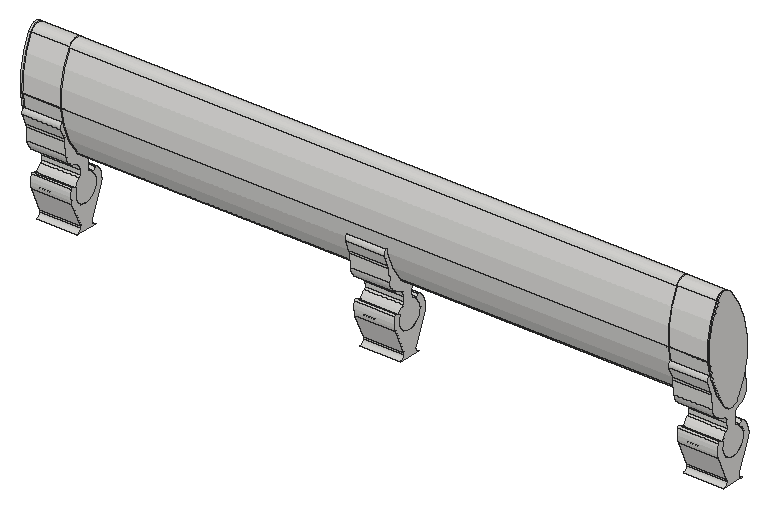
Revit family "Sunshade-Kawneer-Versoleil", category Specialty Equipment, host Face, Revit 2015 (continued)
Definition of nested family "Mounting_Arm-Kawneer-Metal"
  Lines and regions (in)
    Masking region 2, visible <- "CTRL 15 Degrees Visibility"
      outline origin (-0.15722, 0, 0) x (0, 1, 0) y (0, 0, 1)
        loop
          arc (-1.70191, 1.88518) -> (-1.43908, 1.48818) -> (-0.99022, 1.3294) r 0.75
          arc (-0.99022, 1.3294) -> (-0.69097, 1.22355) -> (-0.51575, 0.95888) r 0.5
          line (-0.51575, 0.95888) -> (-0.4461, 0.69893)
          arc (-0.4461, 0.69893) -> (-0.4475, 0.62938) -> (-0.48586, 0.57135) r 0.125
    Masking region 3, visible <- "CTRL 10 Degrees Visibility"
      outline origin (-0.15722, 0, 0) x (0, 0.996195, -0.087156) y (0, 0.087156, 0.996195)
        loop
          arc (-0.48586, 0.57135) -> (0.19411, -0.72444) -> (0.13509, 0.73773) r 0.75
          arc (0.13509, 0.73773) -> (0.07286, 0.76881) -> (0.03687, 0.82834) r 0.125
          line (0.03687, 0.82834) -> (-0.03279, 1.08829)
          arc (-0.03279, 1.08829) -> (-0.01337, 1.40511) -> (0.19285, 1.6464) r 0.5
          arc (0.19285, 1.6464) -> (0.50219, 2.00834) -> (0.53131, 2.48357) r 0.75
          line (0.53131, 2.48357) -> (0.33719, 3.20801)
          arc (0.33719, 3.20801) -> (0.32236, 3.2905) -> (0.32152, 3.3743) r 0.5
          arc (0.32152, 3.3743) -> (0.33945, 3.67757) -> (0.34843, 3.98124) r 10.28925
          arc (0.34843, 3.98124) -> (0.27673, 4.16019) -> (0.09903, 4.23493) r 0.25
          arc (0.09903, 4.23493) -> (0.05416, 3.17969) -> (-0.10133, 2.135) r 10.03925
          arc (-0.10133, 2.135) -> (-0.46769, 1.74543) -> (-0.97975, 1.89963) r 0.508
          arc (-0.97975, 1.89963) -> (-1.63675, 2.72661) -> (-2.20323, 3.61804) r 10.03925
          arc (-2.20323, 3.61804) -> (-2.31827, 3.46408) -> (-2.29237, 3.27364) r 0.25373
          arc (-2.29237, 3.27364) -> (-2.13276, 3.01515) -> (-1.9656, 2.76147) r 10.28925
          arc (-1.9656, 2.76147) -> (-1.92443, 2.68847) -> (-1.89603, 2.60962) r 0.5
          line (-1.89603, 2.60962) -> (-1.70191, 1.88518)
          arc (-1.70191, 1.88518) -> (-1.43908, 1.48818) -> (-0.99022, 1.3294) r 0.75
          arc (-0.99022, 1.3294) -> (-0.69097, 1.22355) -> (-0.51575, 0.95888) r 0.5
          line (-0.51575, 0.95888) -> (-0.4461, 0.69893)
          arc (-0.4461, 0.69893) -> (-0.4475, 0.62938) -> (-0.48586, 0.57135) r 0.125
    Masking region 4, visible <- "CTRL 5 Degrees Visibility"
      outline origin (-0.15722, 0, 0) x (0, 0.984808, -0.173648) y (0, 0.173648, 0.984808)
        loop
          arc (-0.48586, 0.57135) -> (0.19411, -0.72444) -> (0.13509, 0.73773) r 0.75
          arc (0.13509, 0.73773) -> (0.07286, 0.76881) -> (0.03687, 0.82834) r 0.125
          line (0.03687, 0.82834) -> (-0.03279, 1.08829)
          arc (-0.03279, 1.08829) -> (-0.01337, 1.40511) -> (0.19285, 1.6464) r 0.5
          arc (0.19285, 1.6464) -> (0.50219, 2.00834) -> (0.53131, 2.48357) r 0.75
          line (0.53131, 2.48357) -> (0.33719, 3.20801)
          arc (0.33719, 3.20801) -> (0.32236, 3.2905) -> (0.32152, 3.3743) r 0.5
          arc (0.32152, 3.3743) -> (0.33945, 3.67757) -> (0.34843, 3.98124) r 10.28925
          arc (0.34843, 3.98124) -> (0.27673, 4.16019) -> (0.09903, 4.23493) r 0.25
          arc (0.09903, 4.23493) -> (0.05416, 3.17969) -> (-0.10133, 2.135) r 10.03925
          arc (-0.10133, 2.135) -> (-0.46769, 1.74543) -> (-0.97975, 1.89963) r 0.508
          arc (-0.97975, 1.89963) -> (-1.63675, 2.72661) -> (-2.20323, 3.61804) r 10.03925
          arc (-2.20323, 3.61804) -> (-2.31827, 3.46408) -> (-2.29237, 3.27364) r 0.25373
          arc (-2.29237, 3.27364) -> (-2.13276, 3.01515) -> (-1.9656, 2.76147) r 10.28925
          arc (-1.9656, 2.76147) -> (-1.92443, 2.68847) -> (-1.89603, 2.60962) r 0.5
          line (-1.89603, 2.60962) -> (-1.70191, 1.88518)
          arc (-1.70191, 1.88518) -> (-1.43908, 1.48818) -> (-0.99022, 1.3294) r 0.75
          arc (-0.99022, 1.3294) -> (-0.69097, 1.22355) -> (-0.51575, 0.95888) r 0.5
          line (-0.51575, 0.95888) -> (-0.4461, 0.69893)
          arc (-0.4461, 0.69893) -> (-0.4475, 0.62938) -> (-0.48586, 0.57135) r 0.125
    Masking region 5, visible <- "CTRL 0 Degrees Visibility"
      outline origin (-0.15722, 0, 0) x (0, 0.965926, -0.258819) y (0, 0.258819, 0.965926)
        loop
          arc (-0.48586, 0.57135) -> (0.19411, -0.72444) -> (0.13509, 0.73773) r 0.75
          arc (0.13509, 0.73773) -> (0.07286, 0.76881) -> (0.03687, 0.82834) r 0.125
          line (0.03687, 0.82834) -> (-0.03279, 1.08829)
          arc (-0.03279, 1.08829) -> (-0.01337, 1.40511) -> (0.19285, 1.6464) r 0.5
          arc (0.19285, 1.6464) -> (0.50219, 2.00834) -> (0.53131, 2.48357) r 0.75
          line (0.53131, 2.48357) -> (0.33719, 3.20801)
          arc (0.33719, 3.20801) -> (0.32236, 3.2905) -> (0.32152, 3.3743) r 0.5
          arc (0.32152, 3.3743) -> (0.33945, 3.67757) -> (0.34843, 3.98124) r 10.28925
          arc (0.34843, 3.98124) -> (0.27673, 4.16019) -> (0.09903, 4.23493) r 0.25
          arc (0.09903, 4.23493) -> (0.05416, 3.17969) -> (-0.10133, 2.135) r 10.03925
          arc (-0.10133, 2.135) -> (-0.46769, 1.74543) -> (-0.97975, 1.89963) r 0.508
          arc (-0.97975, 1.89963) -> (-1.63675, 2.72661) -> (-2.20323, 3.61804) r 10.03925
          arc (-2.20323, 3.61804) -> (-2.31827, 3.46408) -> (-2.29237, 3.27364) r 0.25373
          arc (-2.29237, 3.27364) -> (-2.13276, 3.01515) -> (-1.9656, 2.76147) r 10.28925
          arc (-1.9656, 2.76147) -> (-1.92443, 2.68847) -> (-1.89603, 2.60962) r 0.5
          line (-1.89603, 2.60962) -> (-1.70191, 1.88518)
          arc (-1.70191, 1.88518) -> (-1.43908, 1.48818) -> (-0.99022, 1.3294) r 0.75
          arc (-0.99022, 1.3294) -> (-0.69097, 1.22355) -> (-0.51575, 0.95888) r 0.5
          line (-0.51575, 0.95888) -> (-0.4461, 0.69893)
          arc (-0.4461, 0.69893) -> (-0.4475, 0.62938) -> (-0.48586, 0.57135) r 0.125
    Masking region 6, visible <- "CTRL 20 Degrees Visibility"
      outline origin (-0.15722, 0, 0) x (0, 0.996195, 0.087156) y (0, -0.087156, 0.996195)
        loop
          arc (-0.48586, 0.57135) -> (0.19411, -0.72444) -> (0.13509, 0.73773) r 0.75
          arc (0.13509, 0.73773) -> (0.07286, 0.76881) -> (0.03687, 0.82834) r 0.125
          line (0.03687, 0.82834) -> (-0.03279, 1.08829)
          arc (-0.03279, 1.08829) -> (-0.01337, 1.40511) -> (0.19285, 1.6464) r 0.5
          arc (0.19285, 1.6464) -> (0.50219, 2.00834) -> (0.53131, 2.48357) r 0.75
          line (0.53131, 2.48357) -> (0.33719, 3.20801)
          arc (0.33719, 3.20801) -> (0.32236, 3.2905) -> (0.32152, 3.3743) r 0.5
          arc (0.32152, 3.3743) -> (0.33945, 3.67757) -> (0.34843, 3.98124) r 10.28925
          arc (0.34843, 3.98124) -> (0.27673, 4.16019) -> (0.09903, 4.23493) r 0.25
          arc (0.09903, 4.23493) -> (0.05416, 3.17969) -> (-0.10133, 2.135) r 10.03925
          arc (-0.10133, 2.135) -> (-0.46769, 1.74543) -> (-0.97975, 1.89963) r 0.508
          arc (-0.97975, 1.89963) -> (-1.63675, 2.72661) -> (-2.20323, 3.61804) r 10.03925
          arc (-2.20323, 3.61804) -> (-2.31827, 3.46408) -> (-2.29237, 3.27364) r 0.25373
          arc (-2.29237, 3.27364) -> (-2.13276, 3.01515) -> (-1.9656, 2.76147) r 10.28925
          arc (-1.9656, 2.76147) -> (-1.92443, 2.68847) -> (-1.89603, 2.60962) r 0.5
          line (-1.89603, 2.60962) -> (-1.70191, 1.88518)
          arc (-1.70191, 1.88518) -> (-1.43908, 1.48818) -> (-0.99022, 1.3294) r 0.75
          arc (-0.99022, 1.3294) -> (-0.69097, 1.22355) -> (-0.51575, 0.95888) r 0.5
          line (-0.51575, 0.95888) -> (-0.4461, 0.69893)
          arc (-0.4461, 0.69893) -> (-0.4475, 0.62938) -> (-0.48586, 0.57135) r 0.125
    Masking region 7, visible <- "CTRL 25 Degrees Visibility"
      outline origin (-0.15722, 0, 0) x (0, 0.984808, 0.173648) y (0, -0.173648, 0.984808)
        loop
          arc (-0.48586, 0.57135) -> (0.19411, -0.72444) -> (0.13509, 0.73773) r 0.75
          arc (0.13509, 0.73773) -> (0.07286, 0.76881) -> (0.03687, 0.82834) r 0.125
          line (0.03687, 0.82834) -> (-0.03279, 1.08829)
          arc (-0.03279, 1.08829) -> (-0.01337, 1.40511) -> (0.19285, 1.6464) r 0.5
          arc (0.19285, 1.6464) -> (0.50219, 2.00834) -> (0.53131, 2.48357) r 0.75
          line (0.53131, 2.48357) -> (0.33719, 3.20801)
          arc (0.33719, 3.20801) -> (0.32236, 3.2905) -> (0.32152, 3.3743) r 0.5
          arc (0.32152, 3.3743) -> (0.33945, 3.67757) -> (0.34843, 3.98124) r 10.28925
          arc (0.34843, 3.98124) -> (0.27673, 4.16019) -> (0.09903, 4.23493) r 0.25
          arc (0.09903, 4.23493) -> (0.05416, 3.17969) -> (-0.10133, 2.135) r 10.03925
          arc (-0.10133, 2.135) -> (-0.46769, 1.74543) -> (-0.97975, 1.89963) r 0.508
          arc (-0.97975, 1.89963) -> (-1.63675, 2.72661) -> (-2.20323, 3.61804) r 10.03925
          arc (-2.20323, 3.61804) -> (-2.31827, 3.46408) -> (-2.29237, 3.27364) r 0.25373
          arc (-2.29237, 3.27364) -> (-2.13276, 3.01515) -> (-1.9656, 2.76147) r 10.28925
          arc (-1.9656, 2.76147) -> (-1.92443, 2.68847) -> (-1.89603, 2.60962) r 0.5
          line (-1.89603, 2.60962) -> (-1.70191, 1.88518)
          arc (-1.70191, 1.88518) -> (-1.43908, 1.48818) -> (-0.99022, 1.3294) r 0.75
          arc (-0.99022, 1.3294) -> (-0.69097, 1.22355) -> (-0.51575, 0.95888) r 0.5
          line (-0.51575, 0.95888) -> (-0.4461, 0.69893)
          arc (-0.4461, 0.69893) -> (-0.4475, 0.62938) -> (-0.48586, 0.57135) r 0.125
    Masking region 8, visible <- "CTRL 30 Degrees Visibility"
      outline origin (-0.15722, 0, 0) x (0, 0.965926, 0.258819) y (0, -0.258819, 0.965926)
        loop
          arc (-0.48586, 0.57135) -> (0.19411, -0.72444) -> (0.13509, 0.73773) r 0.75
          arc (0.13509, 0.73773) -> (0.07286, 0.76881) -> (0.03687, 0.82834) r 0.125
          line (0.03687, 0.82834) -> (-0.03279, 1.08829)
          arc (-0.03279, 1.08829) -> (-0.01337, 1.40511) -> (0.19285, 1.6464) r 0.5
          arc (0.19285, 1.6464) -> (0.50219, 2.00834) -> (0.53131, 2.48357) r 0.75
          line (0.53131, 2.48357) -> (0.33719, 3.20801)
          arc (0.33719, 3.20801) -> (0.32236, 3.2905) -> (0.32152, 3.3743) r 0.5
          arc (0.32152, 3.3743) -> (0.33945, 3.67757) -> (0.34843, 3.98124) r 10.28925
          arc (0.34843, 3.98124) -> (0.27673, 4.16019) -> (0.09903, 4.23493) r 0.25
          arc (0.09903, 4.23493) -> (0.05416, 3.17969) -> (-0.10133, 2.135) r 10.03925
          arc (-0.10133, 2.135) -> (-0.46769, 1.74543) -> (-0.97975, 1.89963) r 0.508
          arc (-0.97975, 1.89963) -> (-1.63675, 2.72661) -> (-2.20323, 3.61804) r 10.03925
          arc (-2.20323, 3.61804) -> (-2.31827, 3.46408) -> (-2.29237, 3.27364) r 0.25373
          arc (-2.29237, 3.27364) -> (-2.13276, 3.01515) -> (-1.9656, 2.76147) r 10.28925
          arc (-1.9656, 2.76147) -> (-1.92443, 2.68847) -> (-1.89603, 2.60962) r 0.5
          line (-1.89603, 2.60962) -> (-1.70191, 1.88518)
          arc (-1.70191, 1.88518) -> (-1.43908, 1.48818) -> (-0.99022, 1.3294) r 0.75
          arc (-0.99022, 1.3294) -> (-0.69097, 1.22355) -> (-0.51575, 0.95888) r 0.5
          line (-0.51575, 0.95888) -> (-0.4461, 0.69893)
          arc (-0.4461, 0.69893) -> (-0.4475, 0.62938) -> (-0.48586, 0.57135) r 0.125
    Masking region 9, visible <- "CTRL 35 Degrees Visibility"
      outline origin (-0.15722, 0, 0) x (0, 0.939693, 0.34202) y (0, -0.34202, 0.939693)
        loop
          arc (-0.48586, 0.57135) -> (0.19411, -0.72444) -> (0.13509, 0.73773) r 0.75
          arc (0.13509, 0.73773) -> (0.07286, 0.76881) -> (0.03687, 0.82834) r 0.125
          line (0.03687, 0.82834) -> (-0.03279, 1.08829)
          arc (-0.03279, 1.08829) -> (-0.01337, 1.40511) -> (0.19285, 1.6464) r 0.5
          arc (0.19285, 1.6464) -> (0.50219, 2.00834) -> (0.53131, 2.48357) r 0.75
          line (0.53131, 2.48357) -> (0.33719, 3.20801)
          arc (0.33719, 3.20801) -> (0.32236, 3.2905) -> (0.32152, 3.3743) r 0.5
          arc (0.32152, 3.3743) -> (0.33945, 3.67757) -> (0.34843, 3.98124) r 10.28925
          arc (0.34843, 3.98124) -> (0.27673, 4.16019) -> (0.09903, 4.23493) r 0.25
          arc (0.09903, 4.23493) -> (0.05416, 3.17969) -> (-0.10133, 2.135) r 10.03925
          arc (-0.10133, 2.135) -> (-0.46769, 1.74543) -> (-0.97975, 1.89963) r 0.508
          arc (-0.97975, 1.89963) -> (-1.63675, 2.72661) -> (-2.20323, 3.61804) r 10.03925
          arc (-2.20323, 3.61804) -> (-2.31827, 3.46408) -> (-2.29237, 3.27364) r 0.25373
          arc (-2.29237, 3.27364) -> (-2.13276, 3.01515) -> (-1.9656, 2.76147) r 10.28925
          arc (-1.9656, 2.76147) -> (-1.92443, 2.68847) -> (-1.89603, 2.60962) r 0.5
          line (-1.89603, 2.60962) -> (-1.70191, 1.88518)
          arc (-1.70191, 1.88518) -> (-1.43908, 1.48818) -> (-0.99022, 1.3294) r 0.75
          arc (-0.99022, 1.3294) -> (-0.69097, 1.22355) -> (-0.51575, 0.95888) r 0.5
          line (-0.51575, 0.95888) -> (-0.4461, 0.69893)
          arc (-0.4461, 0.69893) -> (-0.4475, 0.62938) -> (-0.48586, 0.57135) r 0.125
    Masking region 10
      outline origin (0, 0, 0) x (1, 0, 0) y (0, 0, 1)
        loop
          line (0.92091, -0.74988) -> (0.92091, 4.24469) -> (-1.23534, 4.24469) -> (-1.23534, -0.74988) -> (0.92091, -0.74988)
    Masking region 11
      outline origin (0, 0, 4.24469) x (-1, 0, 0) y (0, -1, 0)
        loop
          line (-0.92091, 1.375) -> (-0.92091, -1.375) -> (1.23534, -1.375) -> (1.23534, 1.375) -> (-0.92091, 1.375)
    model lines, not visible
      curve 1: line (-0.15722, -1.61409, 5.62135) -> (-0.15722, 0.19181, 5.68441)
    model lines, detail levels coarse
      curve 2: line (-0.15722, 0, 0) -> (-0.15722, 0, 1.807)
      curve 3: line (-0.15722, 0, 1.807) -> (-0.15722, 1.19174, 4.065)
      curve 4: line (-0.15722, 0, 1.807) -> (-0.15722, -1.19174, 4.065)
      curve 5: circle (-0.15722, 0, 0) r 0.75 normal (1, 0, 0)
  Dimensions and locks (in)
    equal spacing: plane 4 "Left", plane 3 "Center (Left/Right)", plane 5 "Right"
    "Width": plane 4 "Left" to plane 5 "Right"
    "CTRL Front Offset": plane 9 "Front" to plane 1 "Center (Front/Back)"
    "CTRL Back Offset": plane 1 "Center (Front/Back)" to plane 8 "Back"
    locked: plane 2 "Bottom" to plane 6 "Bottom Offset" at 0.74988
    locked: plane 7 "Top" to plane 2 "Bottom" at 4.24469
    locked: curve 2 to curve 3 (angle 152.176°)
    locked: curve 3 to curve 4 (angle 55.6489°)
    angle curve 4 to curve 2 = 152.176°
    "Angle": angle plane 1 "Center (Front/Back)" to curve 2
    aligned and locked: plane 1 "Center (Front/Back)" to Sweep 1 sketch curve
    aligned and locked: plane 5 "Right" to Sweep 1 sketch curve
    aligned and locked: plane 4 "Left" to Sweep 1 sketch curve
    aligned and locked: plane 2 "Bottom" to curve 2
    aligned and locked: plane 1 "Center (Front/Back)" to curve 2
    aligned and locked: plane 2 "Bottom" to curve 5
    aligned and locked: plane 1 "Center (Front/Back)" to curve 5
    aligned and locked: plane 2 "Bottom" to Masking region 2 sketch curve
    aligned and locked: plane 1 "Center (Front/Back)" to Masking region 2 sketch curve
    aligned and locked: Masking region 10 sketch curve to plane 7 "Top"
    aligned and locked: Masking region 10 sketch curve to plane 4 "Left"
    aligned and locked: plane 5 "Right" to Masking region 10 sketch curve
    aligned and locked: plane 6 "Bottom Offset" to Masking region 10 sketch curve
    aligned and locked: Masking region 11 sketch curve to plane 8 "Back"
    aligned and locked: Masking region 11 sketch curve to plane 4 "Left"
    aligned and locked: plane 5 "Right" to Masking region 11 sketch curve
    aligned and locked: plane 9 "Front" to Masking region 11 sketch curve
  Automatic sketch dimensions
    Masking region 1 sketch curve to Masking region 1 sketch curve = 0' - 0.24963"
    Masking region 1 sketch curve to Masking region 1 sketch curve = 0' - 0.01677"
    Masking region 1 sketch curve to Masking region 1 sketch curve = 0' - 0"  (x17)
    Masking region 1 sketch curve to Masking region 1 sketch curve = 0' - 0.24593"
    Masking region 1 sketch curve to Masking region 1 sketch curve = 0' - 0.22407"
    Masking region 1 sketch curve to Masking region 1 sketch curve = 0' - 0.11519"
    Masking region 1 sketch curve to Masking region 1 sketch curve = 0' - 0.06293"
    Masking region 1 sketch curve to Masking region 1 sketch curve = 0' - 0.16688"
    Masking region 1 sketch curve to Masking region 1 sketch curve = 0' - 0.15528"
    Masking region 1 sketch curve to Masking region 1 sketch curve = 0' - 0.10396"  (x4)
    Masking region 1 sketch curve to Masking region 1 sketch curve = 0' - 0.15593"
    Masking region 1 sketch curve to Masking region 1 sketch curve = 0' - 0.03201"
    Masking region 1 sketch curve to Masking region 1 sketch curve = 0' - 0.15904"
    Masking region 1 sketch curve to Masking region 1 sketch curve = 0' - 0.13681"
    Masking region 1 sketch curve to Masking region 1 sketch curve = 0' - 0.1793"
    Masking region 1 sketch curve to Masking region 1 sketch curve = 0' - 0.50333"
    Masking region 1 sketch curve to Masking region 1 sketch curve = 0' - 0.44158"
    Masking region 1 sketch curve to Masking region 1 sketch curve = 0' - 0.23726"
    Masking region 1 sketch curve to Masking region 1 sketch curve = 0' - 0.02599"  (x2)
    Masking region 1 sketch curve to Masking region 1 sketch curve = 0' - 0.12161"
    Masking region 1 sketch curve to Masking region 1 sketch curve = 0' - 0.26325"
    Masking region 1 sketch curve to Masking region 1 sketch curve = 0' - 0.09933"
    Masking region 1 sketch curve to Masking region 1 sketch curve = 0' - 0.12803"
    Masking region 1 sketch curve to Masking region 1 sketch curve = 0' - 0.10704"
    Masking region 1 sketch curve to Masking region 1 sketch curve = 0' - 0.42755"
    Masking region 1 sketch curve to Masking region 1 sketch curve = 0' - 0.72193"
    Masking region 1 sketch curve to Masking region 1 sketch curve = 0' - 0.07495"
    Masking region 1 sketch curve to Masking region 1 sketch curve = 0' - 0.03465"
    Masking region 1 sketch curve to Masking region 1 sketch curve = 0' - 0.06631"
    Masking region 1 sketch curve to Masking region 1 sketch curve = 0' - 0.38599"
    Masking region 1 sketch curve to Masking region 1 sketch curve = 0' - 0.07588"
    Masking region 1 sketch curve to Masking region 1 sketch curve = 0' - 0.0836"
    Masking region 1 sketch curve to Masking region 1 sketch curve = 0' - 0.1493"
    Masking region 1 sketch curve to Masking region 1 sketch curve = 0' - 0.09335"
    Masking region 1 sketch curve to Masking region 1 sketch curve = 0' - 0.26821"
    Masking region 1 sketch curve to Masking region 1 sketch curve = 0' - 0.01366"
    Masking region 1 sketch curve to Masking region 1 sketch curve = 0' - 0.05863"
    Masking region 1 sketch curve to Masking region 1 sketch curve = 0' - 0.00695"
    curve 1 to curve 1 = 0' - 0.31378"
    curve 1 to curve 1 = 0' - 1.77955"
    Masking region 2 sketch curve to Masking region 2 sketch curve = 0' - 0"  (x13)
    plane 1 "Center (Front/Back)" to Masking region 2 sketch curve = 0' - 0.03279"
    plane 1 "Center (Front/Back)" to Masking region 2 sketch curve = 0' - 0.10133"
    Masking region 2 sketch curve to Masking region 2 sketch curve = 0' - 0.0918"
    plane 1 "Center (Front/Back)" to Masking region 2 sketch curve = 0' - 0.4461"
    Masking region 2 sketch curve to Masking region 2 sketch curve = 0' - 0.03976"
    Masking region 2 sketch curve to Masking region 2 sketch curve = 0' - 0.06966"
    Masking region 2 sketch curve to Masking region 2 sketch curve = 0' - 0.08098"
    Masking region 2 sketch curve to Masking region 2 sketch curve = 0' - 0.40603"
    Masking region 2 sketch curve to Masking region 2 sketch curve = 0' - 0.3783"
    Masking region 2 sketch curve to Masking region 2 sketch curve = 0' - 0.00228"
    Masking region 2 sketch curve to Masking region 2 sketch curve = 0' - 0.01047"
    Masking region 2 sketch curve to Masking region 2 sketch curve = 0' - 0.43188"
    Masking region 2 sketch curve to Masking region 2 sketch curve = 0' - 0.72216"
    Masking region 2 sketch curve to Masking region 2 sketch curve = 0' - 0.19411"
    Masking region 2 sketch curve to Masking region 2 sketch curve = 0' - 0.06957"
    Masking region 2 sketch curve to Masking region 2 sketch curve = 0' - 0.10703"
    Masking region 2 sketch curve to Masking region 2 sketch curve = 0' - 0.1306"
    Masking region 2 sketch curve to Masking region 2 sketch curve = 0' - 0.21974"
    Masking region 2 sketch curve to Masking region 2 sketch curve = 0' - 0.41339"
    level to Masking region 2 sketch curve = 0' - 4.13325"
    Masking region 2 sketch curve to Masking region 2 sketch curve = 0' - 7.64734"
    Masking region 2 sketch curve to plane 1 "Center (Front/Back)" = 0' - 0.03687"
    Masking region 2 sketch curve to plane 1 "Center (Front/Back)" = 0' - 0.09845"
    Masking region 2 sketch curve to plane 1 "Center (Front/Back)" = 0' - 0.09903"
    Masking region 2 sketch curve to Masking region 2 sketch curve = 0' - 0.09823"
    Masking region 2 sketch curve to Masking region 2 sketch curve = 0' - 0.02252"
    Masking region 2 sketch curve to plane 1 "Center (Front/Back)" = 0' - 0.19285"
    Masking region 2 sketch curve to plane 1 "Center (Front/Back)" = 0' - 0.32152"
    Masking region 2 sketch curve to Masking region 2 sketch curve = 0' - 0.01568"
    Masking region 2 sketch curve to Masking region 2 sketch curve = 0' - 0.24997"
    Masking region 2 sketch curve to plane 1 "Center (Front/Back)" = 0' - 0.45017"
    Masking region 2 sketch curve to plane 1 "Center (Front/Back)" = 0' - 0.53131"
    Masking region 2 sketch curve to Masking region 2 sketch curve = 0' - 0.48296"
    Masking region 2 sketch curve to plane 1 "Center (Front/Back)" = 0' - 6.54141"
    level to Masking region 2 sketch curve = 0' - 0.57135"
    Masking region 2 sketch curve to Masking region 2 sketch curve = 0' - 0.1629"
    Masking region 2 sketch curve to Masking region 2 sketch curve = 0' - 0.25996"  (x2)
    Masking region 2 sketch curve to Masking region 2 sketch curve = 0' - 0.35701"
    Masking region 2 sketch curve to Masking region 2 sketch curve = 0' - 0.17966"
    Masking region 2 sketch curve to Masking region 2 sketch curve = 0' - 0.59503"
    Masking region 3 sketch curve to Masking region 3 sketch curve = 0' - 0"  (x13)
    Masking region 3 sketch curve to level = 0' - 0"
    Masking region 3 sketch curve to plane 1 "Center (Front/Back)" = 0' - 0"
    Masking region 3 sketch curve to Masking region 3 sketch curve = 0' - 0.03279"
    Masking region 3 sketch curve to Masking region 3 sketch curve = 0' - 0.06854"
    Masking region 3 sketch curve to Masking region 3 sketch curve = 0' - 0.0918"
    Masking region 3 sketch curve to Masking region 3 sketch curve = 0' - 0.41331"
    Masking region 3 sketch curve to Masking region 3 sketch curve = 0' - 0.03976"
    Masking region 3 sketch curve to Masking region 3 sketch curve = 0' - 0.06966"  (x2)
    Masking region 3 sketch curve to Masking region 3 sketch curve = 0' - 0.08098"
    Masking region 3 sketch curve to Masking region 3 sketch curve = 0' - 0.40603"
    Masking region 3 sketch curve to Masking region 3 sketch curve = 0' - 0.3783"
    Masking region 3 sketch curve to Masking region 3 sketch curve = 0' - 0.00228"
    Masking region 3 sketch curve to Masking region 3 sketch curve = 0' - 0.01047"
    Masking region 3 sketch curve to Masking region 3 sketch curve = 0' - 0.43188"
    Masking region 3 sketch curve to Masking region 3 sketch curve = 0' - 0.72216"
    Masking region 3 sketch curve to Masking region 3 sketch curve = 0' - 0.19411"
    Masking region 3 sketch curve to Masking region 3 sketch curve = 0' - 0.06957"
    Masking region 3 sketch curve to Masking region 3 sketch curve = 0' - 0.10703"
    Masking region 3 sketch curve to Masking region 3 sketch curve = 0' - 0.1306"
    Masking region 3 sketch curve to Masking region 3 sketch curve = 0' - 0.21974"
    Masking region 3 sketch curve to Masking region 3 sketch curve = 0' - 0.41339"
    Masking region 3 sketch curve to Masking region 3 sketch curve = 0' - 7.64734"
    Masking region 3 sketch curve to Masking region 3 sketch curve = 0' - 0.29159"
    Masking region 3 sketch curve to Masking region 3 sketch curve = 0' - 0.00058"
    Masking region 3 sketch curve to Masking region 3 sketch curve = 0' - 0.09823"
    Masking region 3 sketch curve to Masking region 3 sketch curve = 0' - 0.12074"
    Masking region 3 sketch curve to Masking region 3 sketch curve = 0' - 0.29418"
    Masking region 3 sketch curve to Masking region 3 sketch curve = 0' - 0.22307"
    Masking region 3 sketch curve to Masking region 3 sketch curve = 0' - 0.01568"
    Masking region 3 sketch curve to Masking region 3 sketch curve = 0' - 0.24997"
    Masking region 3 sketch curve to Masking region 3 sketch curve = 0' - 0.29257"
    Masking region 3 sketch curve to Masking region 3 sketch curve = 0' - 0.63264"
    Masking region 3 sketch curve to Masking region 3 sketch curve = 0' - 0.48296"
    Masking region 3 sketch curve to Masking region 3 sketch curve = 0' - 6.19298"
    Masking region 3 sketch curve to Masking region 3 sketch curve = 0' - 0.57135"
    Masking region 3 sketch curve to Masking region 3 sketch curve = 0' - 0.1629"
    Masking region 3 sketch curve to Masking region 3 sketch curve = 0' - 0.25996"  (x2)
    Masking region 3 sketch curve to Masking region 3 sketch curve = 0' - 0.35701"
    Masking region 3 sketch curve to Masking region 3 sketch curve = 0' - 0.17966"
    Masking region 3 sketch curve to Masking region 3 sketch curve = 0' - 0.15445"
    Masking region 3 sketch curve to Masking region 3 sketch curve = 0' - 0.59503"
    Masking region 4 sketch curve to Masking region 4 sketch curve = 0' - 0"  (x13)
    Masking region 4 sketch curve to level = 0' - 0"
    Masking region 4 sketch curve to plane 1 "Center (Front/Back)" = 0' - 0"
    Masking region 4 sketch curve to Masking region 4 sketch curve = 0' - 0.03279"
    Masking region 4 sketch curve to Masking region 4 sketch curve = 0' - 0.06854"
    Masking region 4 sketch curve to Masking region 4 sketch curve = 0' - 0.0918"
    Masking region 4 sketch curve to Masking region 4 sketch curve = 0' - 0.41331"
    Masking region 4 sketch curve to Masking region 4 sketch curve = 0' - 0.03976"
    Masking region 4 sketch curve to Masking region 4 sketch curve = 0' - 0.06966"  (x2)
    Masking region 4 sketch curve to Masking region 4 sketch curve = 0' - 0.08098"
    Masking region 4 sketch curve to Masking region 4 sketch curve = 0' - 0.40603"
    Masking region 4 sketch curve to Masking region 4 sketch curve = 0' - 0.3783"
    Masking region 4 sketch curve to Masking region 4 sketch curve = 0' - 0.00228"
    Masking region 4 sketch curve to Masking region 4 sketch curve = 0' - 0.01047"
    Masking region 4 sketch curve to Masking region 4 sketch curve = 0' - 0.43188"
    Masking region 4 sketch curve to Masking region 4 sketch curve = 0' - 0.72216"
    Masking region 4 sketch curve to Masking region 4 sketch curve = 0' - 0.19411"
    Masking region 4 sketch curve to Masking region 4 sketch curve = 0' - 0.06957"
    Masking region 4 sketch curve to Masking region 4 sketch curve = 0' - 0.10703"
    Masking region 4 sketch curve to Masking region 4 sketch curve = 0' - 0.1306"
    Masking region 4 sketch curve to Masking region 4 sketch curve = 0' - 0.21974"
    Masking region 4 sketch curve to Masking region 4 sketch curve = 0' - 0.41339"
    Masking region 4 sketch curve to Masking region 4 sketch curve = 0' - 7.64734"
    Masking region 4 sketch curve to Masking region 4 sketch curve = 0' - 0.29159"
    Masking region 4 sketch curve to Masking region 4 sketch curve = 0' - 0.00058"
    Masking region 4 sketch curve to Masking region 4 sketch curve = 0' - 0.09823"
    Masking region 4 sketch curve to Masking region 4 sketch curve = 0' - 0.02252"
    Masking region 4 sketch curve to Masking region 4 sketch curve = 0' - 0.29418"
    Masking region 4 sketch curve to Masking region 4 sketch curve = 0' - 0.22307"
    Masking region 4 sketch curve to Masking region 4 sketch curve = 0' - 0.01568"
    Masking region 4 sketch curve to Masking region 4 sketch curve = 0' - 0.24997"
    Masking region 4 sketch curve to Masking region 4 sketch curve = 0' - 0.29257"
    Masking region 4 sketch curve to Masking region 4 sketch curve = 0' - 0.63264"
    Masking region 4 sketch curve to Masking region 4 sketch curve = 0' - 0.48296"
    Masking region 4 sketch curve to Masking region 4 sketch curve = 0' - 6.19298"
    Masking region 4 sketch curve to Masking region 4 sketch curve = 0' - 0.57135"
    Masking region 4 sketch curve to Masking region 4 sketch curve = 0' - 0.1629"
    Masking region 4 sketch curve to Masking region 4 sketch curve = 0' - 0.25996"  (x2)
    Masking region 4 sketch curve to Masking region 4 sketch curve = 0' - 0.35701"
    Masking region 4 sketch curve to Masking region 4 sketch curve = 0' - 0.17966"
    Masking region 4 sketch curve to Masking region 4 sketch curve = 0' - 0.15445"
    Masking region 4 sketch curve to Masking region 4 sketch curve = 0' - 0.59503"
    Masking region 5 sketch curve to Masking region 5 sketch curve = 0' - 0"  (x13)
    Masking region 5 sketch curve to plane 1 "Center (Front/Back)" = 0' - 0"  (x2)
    Masking region 5 sketch curve to level = 0' - 0"
    Masking region 5 sketch curve to Masking region 5 sketch curve = 0' - 0.03279"
    Masking region 5 sketch curve to Masking region 5 sketch curve = 0' - 0.06854"
    Masking region 5 sketch curve to Masking region 5 sketch curve = 0' - 0.0918"
    Masking region 5 sketch curve to Masking region 5 sketch curve = 0' - 0.41331"
    Masking region 5 sketch curve to Masking region 5 sketch curve = 0' - 0.03976"
    Masking region 5 sketch curve to Masking region 5 sketch curve = 0' - 0.06966"  (x2)
    Masking region 5 sketch curve to Masking region 5 sketch curve = 0' - 0.08098"
    Masking region 5 sketch curve to Masking region 5 sketch curve = 0' - 0.40603"
    Masking region 5 sketch curve to Masking region 5 sketch curve = 0' - 0.3783"
    Masking region 5 sketch curve to Masking region 5 sketch curve = 0' - 0.00228"
    Masking region 5 sketch curve to Masking region 5 sketch curve = 0' - 0.01047"
    Masking region 5 sketch curve to Masking region 5 sketch curve = 0' - 0.43188"
    Masking region 5 sketch curve to Masking region 5 sketch curve = 0' - 0.72216"
    Masking region 5 sketch curve to Masking region 5 sketch curve = 0' - 0.19411"
    Masking region 5 sketch curve to Masking region 5 sketch curve = 0' - 0.06957"
    Masking region 5 sketch curve to Masking region 5 sketch curve = 0' - 0.10703"
    Masking region 5 sketch curve to Masking region 5 sketch curve = 0' - 0.1306"
    Masking region 5 sketch curve to Masking region 5 sketch curve = 0' - 0.21974"
    Masking region 5 sketch curve to Masking region 5 sketch curve = 0' - 0.41339"
    Masking region 5 sketch curve to Masking region 5 sketch curve = 0' - 7.64734"
    Masking region 5 sketch curve to Masking region 5 sketch curve = 0' - 0.29159"
    Masking region 5 sketch curve to Masking region 5 sketch curve = 0' - 0.00058"
    Masking region 5 sketch curve to Masking region 5 sketch curve = 0' - 0.09823"
    Masking region 5 sketch curve to Masking region 5 sketch curve = 0' - 0.02252"
    Masking region 5 sketch curve to Masking region 5 sketch curve = 0' - 0.29418"
    Masking region 5 sketch curve to Masking region 5 sketch curve = 0' - 0.22307"
    Masking region 5 sketch curve to Masking region 5 sketch curve = 0' - 0.01568"
    Masking region 5 sketch curve to Masking region 5 sketch curve = 0' - 0.24997"
    Masking region 5 sketch curve to Masking region 5 sketch curve = 0' - 0.29257"
    Masking region 5 sketch curve to Masking region 5 sketch curve = 0' - 0.63264"
    Masking region 5 sketch curve to Masking region 5 sketch curve = 0' - 0.48296"
    Masking region 5 sketch curve to Masking region 5 sketch curve = 0' - 6.19298"
    Masking region 5 sketch curve to Masking region 5 sketch curve = 0' - 0.57135"
    Masking region 5 sketch curve to Masking region 5 sketch curve = 0' - 0.1629"
    Masking region 5 sketch curve to Masking region 5 sketch curve = 0' - 0.25996"  (x2)
    Masking region 5 sketch curve to Masking region 5 sketch curve = 0' - 0.35701"
    Masking region 5 sketch curve to Masking region 5 sketch curve = 0' - 0.17966"
    Masking region 5 sketch curve to Masking region 5 sketch curve = 0' - 0.59503"
    Masking region 6 sketch curve to Masking region 6 sketch curve = 0' - 0"  (x13)
    Masking region 6 sketch curve to level = 0' - 0"
    Masking region 6 sketch curve to plane 1 "Center (Front/Back)" = 0' - 0"
    Masking region 6 sketch curve to Masking region 6 sketch curve = 0' - 0.03279"
    Masking region 6 sketch curve to Masking region 6 sketch curve = 0' - 0.06854"
    Masking region 6 sketch curve to Masking region 6 sketch curve = 0' - 0.0918"
    Masking region 6 sketch curve to Masking region 6 sketch curve = 0' - 0.41331"
    Masking region 6 sketch curve to Masking region 6 sketch curve = 0' - 0.03976"
    Masking region 6 sketch curve to Masking region 6 sketch curve = 0' - 0.06966"  (x2)
    Masking region 6 sketch curve to Masking region 6 sketch curve = 0' - 0.08098"
    Masking region 6 sketch curve to Masking region 6 sketch curve = 0' - 0.40603"
    Masking region 6 sketch curve to Masking region 6 sketch curve = 0' - 0.3783"
    Masking region 6 sketch curve to Masking region 6 sketch curve = 0' - 0.00228"
    Masking region 6 sketch curve to Masking region 6 sketch curve = 0' - 0.01047"
    Masking region 6 sketch curve to Masking region 6 sketch curve = 0' - 0.43188"
    Masking region 6 sketch curve to Masking region 6 sketch curve = 0' - 0.72216"
    Masking region 6 sketch curve to Masking region 6 sketch curve = 0' - 0.19411"
    Masking region 6 sketch curve to Masking region 6 sketch curve = 0' - 0.06957"
    Masking region 6 sketch curve to Masking region 6 sketch curve = 0' - 0.10703"
    Masking region 6 sketch curve to Masking region 6 sketch curve = 0' - 0.1306"
    Masking region 6 sketch curve to Masking region 6 sketch curve = 0' - 0.21974"
    Masking region 6 sketch curve to Masking region 6 sketch curve = 0' - 0.41339"
    Masking region 6 sketch curve to Masking region 6 sketch curve = 0' - 7.64734"
    Masking region 6 sketch curve to Masking region 6 sketch curve = 0' - 0.29159"
    Masking region 6 sketch curve to Masking region 6 sketch curve = 0' - 0.00058"
    Masking region 6 sketch curve to Masking region 6 sketch curve = 0' - 0.09823"
    Masking region 6 sketch curve to Masking region 6 sketch curve = 0' - 0.02252"
    Masking region 6 sketch curve to Masking region 6 sketch curve = 0' - 0.29418"
    Masking region 6 sketch curve to Masking region 6 sketch curve = 0' - 0.22307"
    Masking region 6 sketch curve to Masking region 6 sketch curve = 0' - 0.01568"
    Masking region 6 sketch curve to Masking region 6 sketch curve = 0' - 0.24997"
    Masking region 6 sketch curve to Masking region 6 sketch curve = 0' - 0.29257"
    Masking region 6 sketch curve to Masking region 6 sketch curve = 0' - 0.63264"
    Masking region 6 sketch curve to Masking region 6 sketch curve = 0' - 0.48296"
    Masking region 6 sketch curve to Masking region 6 sketch curve = 0' - 6.19298"
    Masking region 6 sketch curve to Masking region 6 sketch curve = 0' - 0.57135"
    Masking region 6 sketch curve to Masking region 6 sketch curve = 0' - 0.1629"
    Masking region 6 sketch curve to Masking region 6 sketch curve = 0' - 0.25996"  (x2)
    Masking region 6 sketch curve to Masking region 6 sketch curve = 0' - 0.35701"
    Masking region 6 sketch curve to Masking region 6 sketch curve = 0' - 0.17966"
    Masking region 6 sketch curve to Masking region 6 sketch curve = 0' - 0.15445"
    Masking region 6 sketch curve to Masking region 6 sketch curve = 0' - 0.59503"
    Masking region 7 sketch curve to Masking region 7 sketch curve = 0' - 0"  (x13)
    Masking region 7 sketch curve to level = 0' - 0"
    Masking region 7 sketch curve to plane 1 "Center (Front/Back)" = 0' - 0"
    Masking region 7 sketch curve to Masking region 7 sketch curve = 0' - 0.03279"
    Masking region 7 sketch curve to Masking region 7 sketch curve = 0' - 0.06854"
    Masking region 7 sketch curve to Masking region 7 sketch curve = 0' - 0.0918"
    Masking region 7 sketch curve to Masking region 7 sketch curve = 0' - 0.41331"
    Masking region 7 sketch curve to Masking region 7 sketch curve = 0' - 0.03976"
    Masking region 7 sketch curve to Masking region 7 sketch curve = 0' - 0.06966"  (x2)
    Masking region 7 sketch curve to Masking region 7 sketch curve = 0' - 0.08098"
    Masking region 7 sketch curve to Masking region 7 sketch curve = 0' - 0.40603"
    Masking region 7 sketch curve to Masking region 7 sketch curve = 0' - 0.3783"
    Masking region 7 sketch curve to Masking region 7 sketch curve = 0' - 0.00228"
    Masking region 7 sketch curve to Masking region 7 sketch curve = 0' - 0.01047"
    Masking region 7 sketch curve to Masking region 7 sketch curve = 0' - 0.43188"
    Masking region 7 sketch curve to Masking region 7 sketch curve = 0' - 0.72216"
    Masking region 7 sketch curve to Masking region 7 sketch curve = 0' - 0.19411"
    Masking region 7 sketch curve to Masking region 7 sketch curve = 0' - 0.06957"
    Masking region 7 sketch curve to Masking region 7 sketch curve = 0' - 0.10703"
    Masking region 7 sketch curve to Masking region 7 sketch curve = 0' - 0.1306"
    Masking region 7 sketch curve to Masking region 7 sketch curve = 0' - 0.21974"
    Masking region 7 sketch curve to Masking region 7 sketch curve = 0' - 0.41339"
    Masking region 7 sketch curve to Masking region 7 sketch curve = 0' - 7.64734"
    Masking region 7 sketch curve to Masking region 7 sketch curve = 0' - 0.29159"
    Masking region 7 sketch curve to Masking region 7 sketch curve = 0' - 0.00058"
    Masking region 7 sketch curve to Masking region 7 sketch curve = 0' - 0.09823"
    Masking region 7 sketch curve to Masking region 7 sketch curve = 0' - 0.12074"
    Masking region 7 sketch curve to Masking region 7 sketch curve = 0' - 0.29418"
    Masking region 7 sketch curve to Masking region 7 sketch curve = 0' - 0.22307"
    Masking region 7 sketch curve to Masking region 7 sketch curve = 0' - 0.01568"
    Masking region 7 sketch curve to Masking region 7 sketch curve = 0' - 0.24997"
    Masking region 7 sketch curve to Masking region 7 sketch curve = 0' - 0.29257"
    Masking region 7 sketch curve to Masking region 7 sketch curve = 0' - 0.63264"
    Masking region 7 sketch curve to Masking region 7 sketch curve = 0' - 0.48296"
    Masking region 7 sketch curve to Masking region 7 sketch curve = 0' - 6.19298"
    Masking region 7 sketch curve to Masking region 7 sketch curve = 0' - 0.57135"
    Masking region 7 sketch curve to Masking region 7 sketch curve = 0' - 0.1629"
    Masking region 7 sketch curve to Masking region 7 sketch curve = 0' - 0.25996"  (x2)
    Masking region 7 sketch curve to Masking region 7 sketch curve = 0' - 0.35701"
    Masking region 7 sketch curve to Masking region 7 sketch curve = 0' - 0.17966"
    Masking region 7 sketch curve to Masking region 7 sketch curve = 0' - 0.15445"
    Masking region 7 sketch curve to Masking region 7 sketch curve = 0' - 0.59503"
    Masking region 8 sketch curve to Masking region 8 sketch curve = 0' - 0"  (x13)
    Masking region 8 sketch curve to level = 0' - 0"
    Masking region 8 sketch curve to plane 1 "Center (Front/Back)" = 0' - 0"
    Masking region 8 sketch curve to Masking region 8 sketch curve = 0' - 0.03279"
    Masking region 8 sketch curve to Masking region 8 sketch curve = 0' - 0.06854"
    Masking region 8 sketch curve to Masking region 8 sketch curve = 0' - 0.0918"
    Masking region 8 sketch curve to Masking region 8 sketch curve = 0' - 0.41331"
    Masking region 8 sketch curve to Masking region 8 sketch curve = 0' - 0.03976"
    Masking region 8 sketch curve to Masking region 8 sketch curve = 0' - 0.06966"  (x2)
    Masking region 8 sketch curve to Masking region 8 sketch curve = 0' - 0.08098"
    Masking region 8 sketch curve to Masking region 8 sketch curve = 0' - 0.40603"
    Masking region 8 sketch curve to Masking region 8 sketch curve = 0' - 0.3783"
    Masking region 8 sketch curve to Masking region 8 sketch curve = 0' - 0.00228"
    Masking region 8 sketch curve to Masking region 8 sketch curve = 0' - 0.01047"
    Masking region 8 sketch curve to Masking region 8 sketch curve = 0' - 0.43188"
    Masking region 8 sketch curve to Masking region 8 sketch curve = 0' - 0.72216"
    Masking region 8 sketch curve to Masking region 8 sketch curve = 0' - 0.19411"
    Masking region 8 sketch curve to Masking region 8 sketch curve = 0' - 0.06957"
    Masking region 8 sketch curve to Masking region 8 sketch curve = 0' - 0.10703"
    Masking region 8 sketch curve to Masking region 8 sketch curve = 0' - 0.1306"
    Masking region 8 sketch curve to Masking region 8 sketch curve = 0' - 0.21974"
    Masking region 8 sketch curve to Masking region 8 sketch curve = 0' - 0.41339"
    Masking region 8 sketch curve to Masking region 8 sketch curve = 0' - 7.64734"
    Masking region 8 sketch curve to Masking region 8 sketch curve = 0' - 0.29159"
    Masking region 8 sketch curve to Masking region 8 sketch curve = 0' - 0.00058"
    Masking region 8 sketch curve to Masking region 8 sketch curve = 0' - 0.09823"
    Masking region 8 sketch curve to Masking region 8 sketch curve = 0' - 0.02252"
    Masking region 8 sketch curve to Masking region 8 sketch curve = 0' - 0.29418"
    Masking region 8 sketch curve to Masking region 8 sketch curve = 0' - 0.22307"
    Masking region 8 sketch curve to Masking region 8 sketch curve = 0' - 0.01568"
    Masking region 8 sketch curve to Masking region 8 sketch curve = 0' - 0.24997"
    Masking region 8 sketch curve to Masking region 8 sketch curve = 0' - 0.29257"
    Masking region 8 sketch curve to Masking region 8 sketch curve = 0' - 0.63264"
    Masking region 8 sketch curve to Masking region 8 sketch curve = 0' - 0.48296"
    Masking region 8 sketch curve to Masking region 8 sketch curve = 0' - 6.19298"
    Masking region 8 sketch curve to Masking region 8 sketch curve = 0' - 0.57135"
    Masking region 8 sketch curve to Masking region 8 sketch curve = 0' - 0.1629"
    Masking region 8 sketch curve to Masking region 8 sketch curve = 0' - 0.25996"  (x2)
    Masking region 8 sketch curve to Masking region 8 sketch curve = 0' - 0.35701"
    Masking region 8 sketch curve to Masking region 8 sketch curve = 0' - 0.17966"
    Masking region 8 sketch curve to Masking region 8 sketch curve = 0' - 0.15445"
    Masking region 8 sketch curve to Masking region 8 sketch curve = 0' - 0.59503"
    Masking region 9 sketch curve to Masking region 9 sketch curve = 0' - 0"  (x13)
    level to Masking region 9 sketch curve = 0' - 0.48441"
    plane 1 "Center (Front/Back)" to Masking region 9 sketch curve = 0' - 10 193/256"
    Masking region 9 sketch curve to Masking region 9 sketch curve = 0' - 7.56071"
    Masking region 9 sketch curve to Masking region 9 sketch curve = 0' - 0.08662"
    Masking region 9 sketch curve to Masking region 9 sketch curve = 0' - 0.08913"
    Masking region 9 sketch curve to Masking region 9 sketch curve = 0' - 0.21974"
    Masking region 9 sketch curve to Masking region 9 sketch curve = 0' - 0.41339"
    Masking region 9 sketch curve to Masking region 9 sketch curve = 0' - 0.06957"
    Masking region 9 sketch curve to Masking region 9 sketch curve = 0' - 0.19411"
    Masking region 9 sketch curve to Masking region 9 sketch curve = 0' - 0.7032"
    Masking region 9 sketch curve to Masking region 9 sketch curve = 0' - 0.0085"
    Masking region 9 sketch curve to Masking region 9 sketch curve = 0' - 0.01047"
    Masking region 9 sketch curve to Masking region 9 sketch curve = 0' - 0.00228"
    Masking region 9 sketch curve to Masking region 9 sketch curve = 0' - 0.3783"
    Masking region 9 sketch curve to Masking region 9 sketch curve = 0' - 0.43188"
    Masking region 9 sketch curve to Masking region 9 sketch curve = 0' - 0.05109"
    Masking region 9 sketch curve to Masking region 9 sketch curve = 0' - 0.08098"
    Masking region 9 sketch curve to Masking region 9 sketch curve = 0' - 0.12074"
    Masking region 9 sketch curve to Masking region 9 sketch curve = 0' - 0.40603"
    Masking region 9 sketch curve to Masking region 9 sketch curve = 0' - 0.0918"
    Masking region 9 sketch curve to Masking region 9 sketch curve = 0' - 0.48296"  (x2)
    Masking region 9 sketch curve to Masking region 9 sketch curve = 0' - 0.48586"
    Masking region 9 sketch curve to Masking region 9 sketch curve = 0' - 0.06966"
    Masking region 9 sketch curve to Masking region 9 sketch curve = 0' - 0.29159"
    Masking region 9 sketch curve to Masking region 9 sketch curve = 0' - 0.00058"
    Masking region 9 sketch curve to Masking region 9 sketch curve = 0' - 0.09823"
    Masking region 9 sketch curve to Masking region 9 sketch curve = 0' - 0.02252"
    Masking region 9 sketch curve to Masking region 9 sketch curve = 0' - 0.29418"
    Masking region 9 sketch curve to Masking region 9 sketch curve = 0' - 0.22307"
    Masking region 9 sketch curve to Masking region 9 sketch curve = 0' - 0.01568"
    Masking region 9 sketch curve to Masking region 9 sketch curve = 0' - 0.24997"
    Masking region 9 sketch curve to Masking region 9 sketch curve = 0' - 0.29257"
    Masking region 9 sketch curve to Masking region 9 sketch curve = 0' - 0.63264"
    Masking region 9 sketch curve to Masking region 9 sketch curve = 0' - 6.19298"
    Masking region 9 sketch curve to Masking region 9 sketch curve = 0' - 0.14832"
    Masking region 9 sketch curve to Masking region 9 sketch curve = 0' - 0.21754"
    Masking region 9 sketch curve to Masking region 9 sketch curve = 0' - 0.34857"
    Masking region 9 sketch curve to Masking region 9 sketch curve = 0' - 0.15445"
    Masking region 9 sketch curve to Masking region 9 sketch curve = 0' - 0.17966"
    Masking region 9 sketch curve to Masking region 9 sketch curve = 0' - 0.01445"
    Masking region 9 sketch curve to Masking region 9 sketch curve = 0' - 0.22761"
    Masking region 9 sketch curve to Masking region 9 sketch curve = 0' - 0.03235"
    radius of curve 5 = 0' - 0 3/4"
Definition of nested family "Mounting_Bracket-Kawneer-Metal"
  Parameters
    Width = 0' - 2 1/4"  # constant formula
    URL = "http://www.kawneer.com/kawneer/north_america/en/home.asp"
    Product Page URL = ""
    Product Documentation Link = ""
    OmniClass Title = "Curtain Wall Components"  # constant formula
    OmniClass Number = "23.25.20.14.11.11"  # constant formula
    Material = none
    Manufacturer = "Kawneer"  # constant formula
    Description = "Single Blade Mounting Bracket"
    Copyright © = "2010 Kawneer"  # constant formula
    Assembly Code = "B2020"
  Reference planes (in)
    plane 1 "Center (Front/Back)": y = 0
    plane 2 "Bottom": z = 0
    plane 3 "Center (Left/Right)": x = -0.15722
    plane 4 "Left": x = -1.28222
    plane 5 "Right": x = 0.96778
    plane 6 "Back": y = 1.0625
    plane 7 "Front": y = -1.0625
    plane 8 "Top": z = 2.83775
  Forms (in)
    Sweep 1, solid, material <- "Material", detail levels medium+fine
      path origin (0, 0, 0) x (1, 0, 0) y (0, 1, 0)
        loop
          line (-1.28222, 0) -> (0.96778, 0)
      profile "Mounting_Bracket-Kawneer-Fine-2D : Standard" origin (-0.15722, 0, 0) x (0, 1, 0) y (0, 0, 1)
        loop
          line (-0.64, 0) -> (0.64, 0)
          arc (0.64, 0) -> (0.46322, 0.07322) -> (0.39, 0.25) r 0.25
          arc (0.39, 0.25) -> (0.39529, 0.30116) -> (0.41094, 0.35015) r 0.25
          line (0.41094, 0.35015) -> (0.97352, 1.63686)
          arc (0.97352, 1.63686) -> (1.04134, 2.27352) -> (0.73102, 2.83355) r 1.0625
          arc (0.73102, 2.83355) -> (0.69159, 2.85047) -> (0.65062, 2.83775) r 0.062
          line (0.65062, 2.83775) -> (0.49875, 2.72121)
          arc (0.49875, 2.72121) -> (0.47453, 2.67411) -> (0.49553, 2.62548) r 0.062
          arc (0.49553, 2.62548) -> (0.18703, 1.3362) -> (-0.70582, 2.31612) r 0.75
          arc (-0.70582, 2.31612) -> (-0.70861, 2.36462) -> (-0.74552, 2.39622) r 0.062
          line (-0.74552, 2.39622) -> (-0.92541, 2.45293)
          arc (-0.92541, 2.45293) -> (-0.9718, 2.44925) -> (-1.00256, 2.41434) r 0.062
          arc (-1.00256, 2.41434) -> (-1.06176, 2.02284) -> (-0.97352, 1.63686) r 1.0625
          line (-0.97352, 1.63686) -> (-0.41094, 0.35015)
          arc (-0.41094, 0.35015) -> (-0.39529, 0.30116) -> (-0.39, 0.25) r 0.25
          arc (-0.39, 0.25) -> (-0.46322, 0.07322) -> (-0.64, 0) r 0.25
  Lines and regions (in)
    Masking region 1
      outline origin (-0.15722, 0, 0) x (0, 1, 0) y (0, 0, 1)
        loop
          arc (-1.00256, 2.41434) -> (-1.06176, 2.02284) -> (-0.97352, 1.63686) r 1.0625
          line (-0.97352, 1.63686) -> (-0.41094, 0.35015)
          arc (-0.41094, 0.35015) -> (-0.39529, 0.30116) -> (-0.39, 0.25) r 0.25
          arc (-0.39, 0.25) -> (-0.46322, 0.07322) -> (-0.64, 0) r 0.25
          line (-0.64, 0) -> (0.64, 0)
          arc (0.64, 0) -> (0.46322, 0.07322) -> (0.39, 0.25) r 0.25
          arc (0.39, 0.25) -> (0.39529, 0.30116) -> (0.41094, 0.35015) r 0.25
          line (0.41094, 0.35015) -> (0.97352, 1.63686)
          arc (0.97352, 1.63686) -> (1.04134, 2.27352) -> (0.73102, 2.83355) r 1.0625
          arc (0.73102, 2.83355) -> (0.69159, 2.85047) -> (0.65062, 2.83775) r 0.062
          line (0.65062, 2.83775) -> (0.49875, 2.72121)
          arc (0.49875, 2.72121) -> (0.47453, 2.67411) -> (0.49553, 2.62548) r 0.062
          arc (0.49553, 2.62548) -> (0.18703, 1.3362) -> (-0.70582, 2.31612) r 0.75
          arc (-0.70582, 2.31612) -> (-0.70861, 2.36462) -> (-0.74552, 2.39622) r 0.062
          line (-0.74552, 2.39622) -> (-0.92541, 2.45293)
          arc (-0.92541, 2.45293) -> (-0.9718, 2.44925) -> (-1.00256, 2.41434) r 0.062
    Masking region 2
      outline origin (0, 0, 0) x (1, 0, 0) y (0, 1, 0)
        loop
          line (-1.28222, -1.0625) -> (0.96778, -1.0625) -> (0.96778, 1.0625) -> (-1.28222, 1.0625) -> (-1.28222, -1.0625)
    Masking region 3
      outline origin (0, -1.0625, 0) x (-1, 0, 0) y (0, 0, 1)
        loop
          line (-0.96778, 0) -> (1.28222, 0) -> (1.28222, 2.83775) -> (-0.96778, 2.83775) -> (-0.96778, 0)
    model lines, detail levels coarse
      curve 1: arc (-0.15722, -1.00256, 2.41434) -> (-0.15722, -1.06176, 2.02284) -> (-0.15722, -0.97352, 1.63686) r 1.0625
      curve 2: line (-0.15722, -0.97352, 1.63686) -> (-0.15722, -0.41094, 0.35015)
      curve 3: arc (-0.15722, -0.41094, 0.35015) -> (-0.15722, -0.39529, 0.30116) -> (-0.15722, -0.39, 0.25) r 0.25
      curve 4: arc (-0.15722, -0.39, 0.25) -> (-0.15722, -0.46322, 0.07322) -> (-0.15722, -0.64, 0) r 0.25
      curve 5: line (-0.15722, -0.64, 0) -> (-0.15722, 0.64, 0)
      curve 6: arc (-0.15722, 0.64, 0) -> (-0.15722, 0.46322, 0.07322) -> (-0.15722, 0.39, 0.25) r 0.25
      curve 7: arc (-0.15722, 0.39, 0.25) -> (-0.15722, 0.39529, 0.30116) -> (-0.15722, 0.41094, 0.35015) r 0.25
      curve 8: line (-0.15722, 0.41094, 0.35015) -> (-0.15722, 0.97352, 1.63686)
      curve 9: arc (-0.15722, 0.97352, 1.63686) -> (-0.15722, 1.04134, 2.27352) -> (-0.15722, 0.73102, 2.83355) r 1.0625
      curve 10: arc (-0.15722, 0.73102, 2.83355) -> (-0.15722, 0.69159, 2.85047) -> (-0.15722, 0.65062, 2.83775) r 0.062
      curve 11: line (-0.15722, 0.65062, 2.83775) -> (-0.15722, 0.49875, 2.72121)
      curve 12: arc (-0.15722, 0.49875, 2.72121) -> (-0.15722, 0.47453, 2.67411) -> (-0.15722, 0.49553, 2.62548) r 0.062
      curve 13: arc (-0.15722, 0.49553, 2.62548) -> (-0.15722, 0.18703, 1.3362) -> (-0.15722, -0.70582, 2.31612) r 0.75
      curve 14: arc (-0.15722, -0.70582, 2.31612) -> (-0.15722, -0.70861, 2.36462) -> (-0.15722, -0.74552, 2.39622) r 0.062
      curve 15: line (-0.15722, -0.74552, 2.39622) -> (-0.15722, -0.92541, 2.45293)
      curve 16: arc (-0.15722, -0.92541, 2.45293) -> (-0.15722, -0.9718, 2.44925) -> (-0.15722, -1.00256, 2.41434) r 0.062
  Dimensions and locks (in)
    equal spacing: plane 4 "Left", plane 3 "Center (Left/Right)", plane 5 "Right"
    "Width": plane 4 "Left" to plane 5 "Right"
    equal spacing: plane 6 "Back", plane 1 "Center (Front/Back)", plane 7 "Front", locked at 1.0625 each
    locked: plane 8 "Top" to plane 2 "Bottom" at 2.83775
    aligned and locked: plane 1 "Center (Front/Back)" to Sweep 1 sketch curve
    aligned and locked: plane 5 "Right" to Sweep 1 sketch curve
    aligned and locked: plane 4 "Left" to Sweep 1 sketch curve
    aligned and locked: Masking region 1 sketch curve to Sweep 1  (x6)
    aligned and locked: curve 1 to Sweep 1
    aligned and locked: curve 4 to Sweep 1
    aligned and locked: curve 7 to Sweep 1
    aligned and locked: curve 9 to Sweep 1
    aligned and locked: curve 10 to Sweep 1
    aligned and locked: curve 12 to Sweep 1
    aligned and locked: curve 13 to Sweep 1
    aligned and locked: curve 14 to Sweep 1
    aligned and locked: curve 16 to Sweep 1
    aligned and locked: Sweep 1 to plane 2 "Bottom"
    aligned and locked: Masking region 2 sketch curve to plane 5 "Right"
    aligned and locked: Masking region 2 sketch curve to plane 4 "Left"
    aligned and locked: plane 6 "Back" to Masking region 2
    aligned and locked: Masking region 2 to plane 7 "Front"
    aligned and locked: Masking region 3 sketch curve to plane 4 "Left"
    aligned and locked: Masking region 3 sketch curve to plane 8 "Top"
    aligned and locked: plane 5 "Right" to Masking region 3 sketch curve
    aligned and locked: plane 2 "Bottom" to Masking region 3 sketch curve
  Automatic sketch dimensions
    Masking region 1 sketch curve to Masking region 1 sketch curve = 0' - 0"  (x5)
    level to Masking region 1 sketch curve = 0' - 0 1/4"
    Masking region 1 sketch curve to Masking region 1 sketch curve = 0' - 0.02094"  (x2)
    Masking region 1 sketch curve to Masking region 1 sketch curve = 0' - 0.01864"  (x2)
    Masking region 1 sketch curve to Masking region 1 sketch curve = 0' - 0.2677"
    Masking region 1 sketch curve to Masking region 1 sketch curve = 0' - 0.00322"
    Masking region 1 sketch curve to Masking region 1 sketch curve = 0' - 0.15187"
    Masking region 1 sketch curve to Masking region 1 sketch curve = 0' - 0.03774"
    Masking region 1 sketch curve to Masking region 1 sketch curve = 0' - 0.04266"
    Masking region 1 sketch curve to Masking region 1 sketch curve = 0' - 0.42564"
    Masking region 1 sketch curve to Masking region 1 sketch curve = 0' - 0.04499"
    plane 1 "Center (Front/Back)" to Masking region 1 sketch curve = 0' - 0.64"
    curve 2 to curve 3 = 0' - 0.02094"
    curve 14 to curve 15 = 0' - 0.01864"
    curve 16 to curve 16 = 0' - 0.01864"
    curve 1 to curve 14 = 0' - 0.2677"
    curve 7 to curve 7 = 0' - 0.02094"
    curve 12 to curve 12 = 0' - 0.00322"
    curve 10 to curve 10 = 0' - 0.03774"
    curve 8 to curve 9 = 0' - 0.42564"
    curve 3 to curve 4 = 0' - 0"
    plane 1 "Center (Front/Back)" to Masking region 2 sketch curve = 0' - 1 1/16"
    Masking region 2 sketch curve to plane 1 "Center (Front/Back)" = 0' - 1 1/16"
Definition of nested family "Blade-Kawneer-Joint-Oval"
  Parameters
    Width = if(Depth < 0' 9", 0' 1 33/256", 0' 2 1/4")  # 0' - 1 33/256"
    URL = "http://www.kawneer.com/kawneer/north_america/en/home.asp"
    Product Page URL = ""
    Product Documentation Link = ""
    OmniClass Title = "Curtain Wall Components"  # constant formula
    OmniClass Number = "23.25.20.14.11.11"  # constant formula
    Material = none
    Manufacturer = "Kawneer"  # constant formula
    Description = "Single Adjustable Blade"
    Depth = 0' - 6"
    Copyright © = "2010 Kawneer"  # constant formula
    CTRL Middle Height = Depth / 2  # 0' - 3"
    CTRL Front Offset = if(Angle < 3.00°, 0' 1 1/2", if(Angle < 8.00°, 0' 1 11/16", if(Angle < 13.00°, 0' 2 3/16", if(Angle < 18.00°, 0' 2 11/16", if(Angle < 23.00°, 0' 3 1/8", if(Angle < 28.00°, 0' 3 5/8", if(Angle < 33.00°, 0' 4 1/8", 0' 4 5/8")))))))  # 0' - 3 1/8"
    CTRL Depth = Depth  # 0' - 6"
    Assembly Code = "B2020"
    Angle = 20.00°
  Reference planes (in)
    plane 1 "Center (Front/Back)": y = 0
    plane 2 "Bottom": z = 0
    plane 3 "Center (Left/Right)": x = -0.15722
    plane 4 "Left": x = -0.72167
    plane 5 "Right": x = 0.40724
    plane 6 "Line Center": z = 3
    plane 7 "Top": z = 7.82422
    plane 8 "Bottom Inset": z = 1.82422
    plane 9 "Front": y = -3.125
    plane 10 "Back": y = -0.125
  Forms (in)
    Sweep 1, solid, material <- "Material", detail levels fine
      path origin (7.466, 0, 0) x (1, 0, 0) y (0, 1, 0)
        loop
          line (-8.18767, 0) -> (-7.05876, 0)
      profile "Blade-Kawneer-Joint-Oval-2D : 6"" origin (-0.15722, 0, 0) x (0, 1, 0) y (0, 0, 1)
        loop
          line (-0.42414, 4.96283) -> (-0.44551, 5.02156)
          arc (-0.44551, 5.02156) -> (-1.13766, 6.28369) -> (-2.17697, 7.27964) r 4.73654
          arc (-2.17697, 7.27964) -> (-2.68673, 7.38173) -> (-3.01161, 6.97585) r 0.5
          arc (-3.01161, 6.97585) -> (-3.16758, 5.54486) -> (-2.88651, 4.13311) r 4.73654
          line (-2.88651, 4.13311) -> (-2.86514, 4.07437)
          arc (-2.86514, 4.07437) -> (-2.17299, 2.81224) -> (-1.13368, 1.81629) r 4.73654
          arc (-1.13368, 1.81629) -> (-0.62392, 1.7142) -> (-0.29904, 2.12008) r 0.5
          arc (-0.29904, 2.12008) -> (-0.14307, 3.55107) -> (-0.42414, 4.96283) r 4.73654
  Lines and regions (in)
    Masking region 1
      outline origin (0, -0.125, 0) x (-1, 0, 0) y (0, 0, 1)
        loop
          line (-0.40724, 1.82422) -> (0.72167, 1.82422) -> (0.72167, 7.82422) -> (-0.40724, 7.82422) -> (-0.40724, 1.82422)
    Masking region 2
      outline origin (0, 0, 0) x (1, 0, 0) y (0, 1, 0)
        loop
          line (0.40724, -3.125) -> (0.40724, -0.125) -> (-0.72167, -0.125) -> (-0.72167, -3.125) -> (0.40724, -3.125)
    reference lines
      curve 1: line (-0.15722, 0, 0) -> (-0.15722, -2.6707, 7.33768)
      curve 2: line (-0.15722, -1.79319, 1.272) -> (-0.15722, 0.55604, 2.12705)
      curve 3: line (-0.15722, -3.84531, 6.91015) -> (-0.15722, -1.49608, 7.7652)
      curve 5: line (-0.72167, -0.61858, 1.69952) -> (-0.72167, -1.64464, 4.5186)
    model lines, detail levels coarse
      curve 4: line (-0.15722, -0.61858, 1.69952) -> (-0.15722, -2.6707, 7.33768)
  Dimensions and locks (in)
    equal spacing: plane 4 "Left", plane 3 "Center (Left/Right)", plane 5 "Right"
    "Width": plane 4 "Left" to plane 5 "Right"
    equal spacing: curve 2, curve 1, curve 2, locked at 1.25 each
    equal spacing: curve 3, curve 1, curve 3, locked at 1.25 each
    curve 1 to curve 2 = 0' - 1 207/256"
    "Depth": curve 2 to curve 3
    "Depth": curve 2 to curve 1
    "CTRL Middle Height": plane 6 "Line Center" to plane 2 "Bottom"
    "CTRL Middle Height": curve 2 to curve 5
    locked: plane 8 "Bottom Inset" to plane 2 "Bottom" at 1.82422
    "Depth": plane 7 "Top" to plane 8 "Bottom Inset"
    "CTRL Front Offset": plane 9 "Front" to plane 1 "Center (Front/Back)"
    locked: plane 9 "Front" to plane 10 "Back" at 3
    locked: curve 1 to curve 3 (angle 90.00°)
    locked: curve 1 to curve 2 (angle 90.00°)
    "Angle": angle plane 1 "Center (Front/Back)" to curve 1
    "Angle": angle plane 1 "Center (Front/Back)" to curve 5
    aligned and locked: level to plane 2 "Bottom"
    aligned and locked: plane 1 "Center (Front/Back)" to Sweep 1 sketch curve
    aligned and locked: plane 2 "Bottom" to curve 1
    aligned and locked: plane 1 "Center (Front/Back)" to curve 1
    aligned and locked: curve 2 to curve 5
    aligned and locked: curve 1 to curve 5
    aligned and locked: Masking region 1 sketch curve to plane 4 "Left"
    aligned and locked: Masking region 1 sketch curve to plane 7 "Top"
    aligned and locked: plane 5 "Right" to Masking region 1 sketch curve
    aligned and locked: plane 8 "Bottom Inset" to Masking region 1 sketch curve
    aligned and locked: Masking region 2 sketch curve to plane 10 "Back"
    aligned and locked: Masking region 2 sketch curve to plane 4 "Left"
    aligned and locked: Masking region 2 sketch curve to plane 9 "Front"
    aligned and locked: plane 5 "Right" to Masking region 2 sketch curve
    aligned and locked: plane 4 "Left" to Sweep 1 sketch curve
